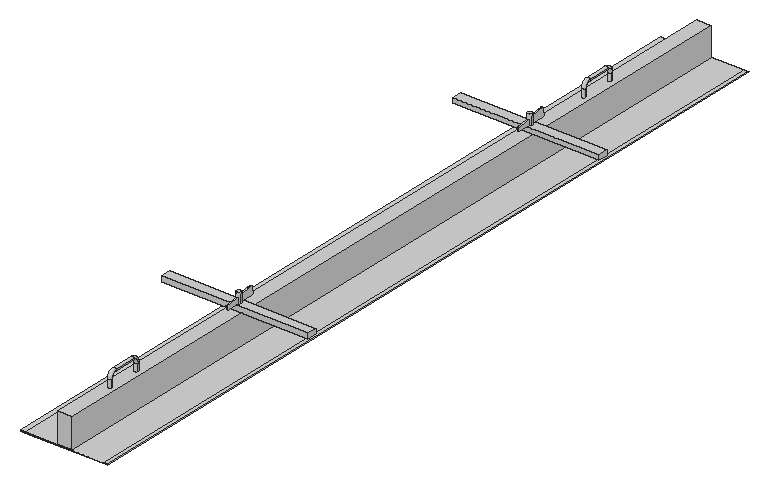
Revit family "ORMA_ORMA COMPENSATION PLATE 3,3_1908483", category Generic Models, Revit 2018
Family settings
  Can host rebar = No
  Round Connector Dimension = Use Diameter
  Part Type = Normal
  OmniClass Number = 35.51.14.00
  OmniClass Title = FORMWORK
  Work Plane-Based = Yes
  Always vertical = No
  Cut with Voids When Loaded = No
  Shared = Yes
  Room Calculation Point = No
Parameters
  VERSION = "20190101"  # constant formula
  URL = "www.ulmaconstruction.com/en"
  UNICLASS = ""
  ITEM_CODE = "1908483"
  Manufacturer = "ULMA CONSTRUCTION"  # constant formula
  FILTER [instance] = ""
  Default Elevation = 0.000 mm
  CLASSIFICATION_TITLE = ""
  CLASSIFICATION_NUMBER = ""
Reference planes
  plane 1 "Centro (Frontal/Posterior)": y = 0
  plane 2: z = 0
  plane 3 "Centro (Izquierda/Derecha)": x = 0
  plane 4 "ITEM_HEIGHT": y = 3300
  plane 5 "TIE 1": y = 560
  plane 6 "TIE 2": y = 2140
  plane 7 "TIE 3": y = 3040
  plane 8 "MIDDLE": x = 30
Forms (mm)
  Extrusion 1, solid, material "ULMA ZINC"
    sketch origin (30, 0, -120) x (1, 0, 0) y (0, 0, 1)
      loop
        line (-30, 120) -> (-30, 0) -> (30, 0) -> (30, 120) -> (-30, 120)
    from -3295 to -5
  Extrusion 2, solid, material "ULMA ZINC"
    sketch origin (30, 0, -120) x (1, 0, 0) y (0, 0, 1)
      loop
        line (-159.945, 0) -> (-179.739, 1.732) -> (-180, -1.257) -> (-160.076, -3) -> (160.076, -3) -> (180, -1.257) -> (179.739, 1.732) -> (159.945, 0) -> (-159.945, 0)
    from -3300 to 0
  Sweep 3, solid, material "ULMA ZINC", detail levels fine
    path in 3D
      loop
        line (30, 373, 0) -> (30, 373, 32)
        arc (30, 373, 32) -> (30, 366.849, 46.849) -> (30, 352, 53) r 21
        line (30, 352, 53) -> (30, 258, 53)
        arc (30, 258, 53) -> (30, 243.151, 46.849) -> (30, 237, 32) r 21
        line (30, 237, 32) -> (30, 237, 0)
    profile origin (30, 237, 16) x (1, 0, 0) y (0, 1, 0)
      loop
        circle (0, 0) r 7
  Sweep 4, solid, material "ULMA ZINC", detail levels fine
    path in 3D
      loop
        line (30, 2813, 0) -> (30, 2813, 32)
        arc (30, 2813, 32) -> (30, 2806.849, 46.849) -> (30, 2792, 53) r 21
        line (30, 2792, 53) -> (30, 2698, 53)
        arc (30, 2698, 53) -> (30, 2683.151, 46.849) -> (30, 2677, 32) r 21
        line (30, 2677, 32) -> (30, 2677, 0)
    profile origin (30, 2677, 16) x (1, 0, 0) y (0, 1, 0)
      loop
        circle (0, 0) r 7
  Extrusion 5, solid, material "ULMA ZINC"
    sketch origin (0, 0, -120) x (0, 1, 0) y (0, 0, 1)
      loop
        line (880, 120) -> (920, 120) -> (920, 140) -> (880, 140) -> (880, 120)
    from -270 to 330
  Extrusion 6, solid, material "ULMA ZINC", detail levels fine
    sketch origin (30, 0, 0) x (1, 0, 0) y (0, 1, 0)
      loop
        circle (0, 900) r 9
    from 20 to 60
  Extrusion 7, solid, material "ULMA ZINC", detail levels fine
    sketch origin (30, 0, -120) x (0, 0, 1) y (0, -1, 0)
      loop
        line (161.42, -892.067) -> (152.196, -841.168)
        arc (152.196, -841.168) -> (151.629, -840.242) -> (150.586, -839.941) r 1.5
        line (150.586, -839.941) -> (148.596, -840.12) -> (143.356, -840.591) -> (141.366, -840.77)
        arc (141.366, -840.77) -> (140.393, -841.252) -> (140, -842.264) r 1.5
        line (140, -842.264) -> (140, -880) -> (140, -920) -> (140, -948.56) -> (140, -949.881) -> (140, -952.607) -> (140.21, -954.939) -> (140.316, -956.128) -> (140.889, -962.5) -> (141.059, -964.385)
        spline (141.059, -964.385) -> (141.099, -964.645) -> (141.173, -964.897) -> (141.279, -965.138) -> (141.415, -965.362) -> (141.58, -965.567) -> (141.769, -965.749) -> (141.981, -965.904) -> (142.21, -966.03) -> (142.455, -966.125) -> (142.709, -966.187) -> (142.969, -966.215) -> (143.231, -966.209)
        line (143.231, -966.209) -> (171.118, -963.702)
        spline (171.118, -963.702) -> (171.377, -963.662) -> (171.628, -963.588) -> (171.867, -963.481) -> (172.09, -963.344) -> (172.294, -963.179) -> (172.474, -962.989) -> (172.628, -962.777) -> (172.753, -962.546) -> (172.847, -962.3) -> (172.909, -962.045) -> (172.937, -961.783) -> (172.93, -961.52)
        line (172.93, -961.52) -> (172.761, -959.636) -> (172.188, -953.263) -> (172.081, -952.075) -> (171.872, -949.742) -> (171.385, -947.06) -> (171.15, -945.76) -> (164.295, -907.933) -> (161.42, -892.067)
    from -3.5 to 3.5
  Extrusion 8, solid, material "ULMA ZINC"
    sketch origin (0, 1500, -120) x (0, 1, 0) y (0, 0, 1)
      loop
        line (880, 120) -> (920, 120) -> (920, 140) -> (880, 140) -> (880, 120)
    from -270 to 330
  Extrusion 9, solid, material "ULMA ZINC", detail levels fine
    sketch origin (30, 1500, 0) x (1, 0, 0) y (0, 1, 0)
      loop
        circle (0, 900) r 9
    from 20 to 60
  Extrusion 10, solid, material "ULMA ZINC", detail levels fine
    sketch origin (30, 0, -120) x (0, 0, 1) y (0, -1, 0)
      loop
        line (161.42, -2392.067) -> (152.196, -2341.168)
        arc (152.196, -2341.168) -> (151.629, -2340.242) -> (150.586, -2339.941) r 1.5
        line (150.586, -2339.941) -> (148.596, -2340.12) -> (143.356, -2340.591) -> (141.366, -2340.77)
        arc (141.366, -2340.77) -> (140.393, -2341.252) -> (140, -2342.264) r 1.5
        line (140, -2342.264) -> (140, -2380) -> (140, -2420) -> (140, -2448.56) -> (140, -2449.881) -> (140, -2452.607) -> (140.21, -2454.939) -> (140.316, -2456.128) -> (140.889, -2462.5) -> (141.059, -2464.385)
        spline (141.059, -2464.385) -> (141.099, -2464.645) -> (141.173, -2464.897) -> (141.279, -2465.138) -> (141.415, -2465.362) -> (141.58, -2465.567) -> (141.769, -2465.749) -> (141.981, -2465.904) -> (142.21, -2466.03) -> (142.455, -2466.125) -> (142.709, -2466.187) -> (142.969, -2466.215) -> (143.231, -2466.209)
        line (143.231, -2466.209) -> (171.118, -2463.702)
        spline (171.118, -2463.702) -> (171.377, -2463.662) -> (171.628, -2463.588) -> (171.867, -2463.481) -> (172.09, -2463.344) -> (172.294, -2463.179) -> (172.474, -2462.989) -> (172.628, -2462.777) -> (172.753, -2462.546) -> (172.847, -2462.3) -> (172.909, -2462.045) -> (172.937, -2461.783) -> (172.93, -2461.52)
        line (172.93, -2461.52) -> (172.761, -2459.636) -> (172.188, -2453.263) -> (172.081, -2452.075) -> (171.872, -2449.742) -> (171.385, -2447.06) -> (171.15, -2445.76) -> (164.295, -2407.933) -> (161.42, -2392.067)
    from -3.5 to 3.5
Lines and regions (mm)
  reference lines
    curve 1: line (30, 237, 32) -> (30, 237, 0)
    curve 2: arc (30, 258, 53) -> (30, 243.151, 46.849) -> (30, 237, 32) r 21
    curve 3: line (30, 352, 53) -> (30, 258, 53)
    curve 4: arc (30, 373, 32) -> (30, 366.849, 46.849) -> (30, 352, 53) r 21
    curve 5: line (30, 373, 0) -> (30, 373, 32)
    curve 6: line (30, 2677, 32) -> (30, 2677, 0)
    curve 7: arc (30, 2698, 53) -> (30, 2683.151, 46.849) -> (30, 2677, 32) r 21
    curve 8: line (30, 2792, 53) -> (30, 2698, 53)
    curve 9: arc (30, 2813, 32) -> (30, 2806.849, 46.849) -> (30, 2792, 53) r 21
    curve 10: line (30, 2813, 0) -> (30, 2813, 32)
  sketch lines
    curve 11: line (30, 237, 32) -> (30, 237, 0)
    curve 12: arc (30, 258, 53) -> (30, 243.151, 46.849) -> (30, 237, 32) r 21
    curve 13: line (30, 352, 53) -> (30, 258, 53)
    curve 14: arc (30, 373, 32) -> (30, 366.849, 46.849) -> (30, 352, 53) r 21
    curve 15: line (30, 373, 0) -> (30, 373, 32)
    curve 16: line (30, 2677, 32) -> (30, 2677, 0)
    curve 17: arc (30, 2698, 53) -> (30, 2683.151, 46.849) -> (30, 2677, 32) r 21
    curve 18: line (30, 2792, 53) -> (30, 2698, 53)
    curve 19: arc (30, 2813, 32) -> (30, 2806.849, 46.849) -> (30, 2792, 53) r 21
    curve 20: line (30, 2813, 0) -> (30, 2813, 32)
  model lines, style "ULMA PANELS", detail levels fine
    curve 21: circle (30, 3040, -123) r 12.5 normal (0, 0, 1)
    curve 22: circle (30, 2140, -123) r 12.5 normal (0, 0, 1)
    curve 23: circle (30, 560, -123) r 12.5 normal (0, 0, 1)
    curve 24: circle (30, 3040, 0) r 12.5 normal (0, 0, 1)
    curve 25: circle (30, 2140, 0) r 12.5 normal (0, 0, 1)
    curve 26: circle (30, 560, 0) r 12.5 normal (0, 0, 1)
Dimensions and locks
  locked: plane 1 "Centro (Frontal/Posterior)" to plane 4 "ITEM_HEIGHT" at 3300
  locked: Extrusion 5 sketch curve to Extrusion 5 sketch curve at 40
  locked: Extrusion 8 sketch curve to Extrusion 8 sketch curve at 40
  locked: plane 3 "Centro (Izquierda/Derecha)" to plane 8 "MIDDLE" at 30
  aligned and locked: level to plane 2
  aligned and locked: plane 4 "ITEM_HEIGHT" to Extrusion 2
  aligned and locked: plane 1 "Centro (Frontal/Posterior)" to Extrusion 2
